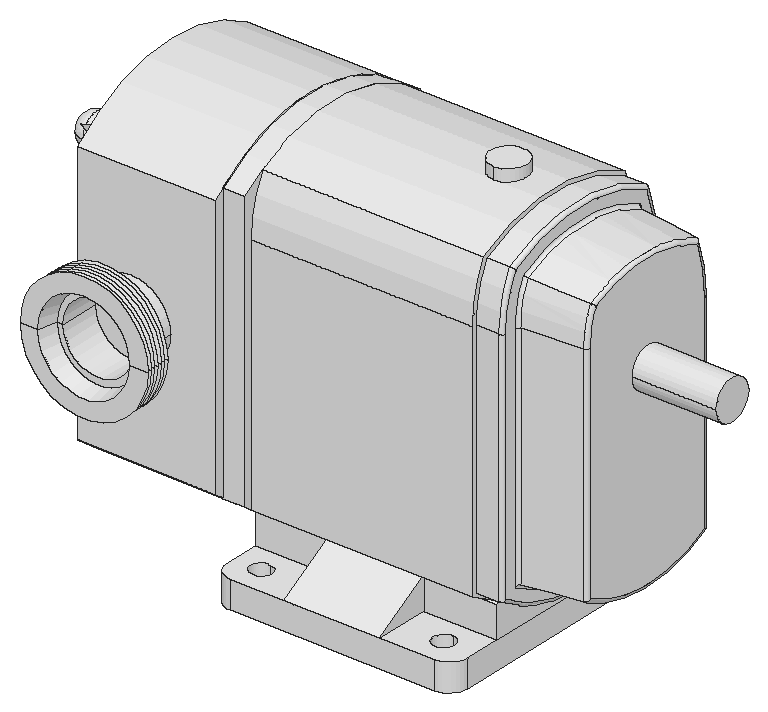
Revit family "MLP 25 - MR172 - Lobe Pump ", category Specialty Equipment, Revit 2022
Family settings
  Round Connector Dimension = Use Diameter
  Part Type = Normal
  Work Plane-Based = No
  Always vertical = Yes
  Cut with Voids When Loaded = No
  Maintain Annotation Orientation = No
  Shared = No
  Room Calculation Point = No
Parameters (values of type "MLP 25 - 4kW")
  URL = "https://en.ekinendustriyel.com/lobe-pumps/lobe-pumps"
  Pressure = 20.0 bar  # constant formula
  Motor Power = 4 kW  # constant formula
  Model = "MLP-23 TUL - MR172"
  Manufacturer = "Ekin Endüstriyel"
  Keynote = "Double Serpentine Heater Tank"
  Flow = 5.0 m³/h  # constant formula
  Description = "MIT MLP 23 - Lobe Pump"
  Default Elevation = 0 mm
Types (4): name
  (no name)
  MLP 25 - 2.2kW
  MLP 25 - 3kW
  MLP 25 - 4kW
Reference planes
  plane 1 "Center (Front/Back)": y = 0
  plane 2: z = 0
  plane 3 "Center (Left/Right)": x = 0
Forms (mm)
  Extrusion 1, solid, material "Ekin Endüstriyel_StainlesSteel", detail levels medium+fine
    sketch origin (0, 0, 0) x (0, 1, 0) y (0, 0, 1)
      loop
        arc (65, 198) -> (0, 223) -> (-65, 198) r 97
        line (-65, 198) -> (-65, 54)
        arc (-65, 54) -> (0, 29) -> (65, 54) r 97
        line (65, 54) -> (65, 198)
    from 12.606 to -63.081
  Extrusion 2, solid, material "Ekin Endüstriyel_StainlesSteel", detail levels medium+fine
    sketch origin (0, 0, 0) x (0, 1, 0) y (0, 0, 1)
      loop
        arc (-48, 210.291) -> (-53.968, 195.324) -> (-56, 179.34) r 63.873
        line (-56, 179.34) -> (-56, 46.798)
        arc (-56, 46.798) -> (0, 29) -> (56, 46.798) r 97
        line (56, 46.798) -> (56, 169.858)
        arc (56, 169.858) -> (53.981, 190.467) -> (48, 210.291) r 106.175
        arc (48, 210.291) -> (0, 223) -> (-48, 210.291) r 97
    from 146.106 to 24.606
  Extrusion 3, solid, material "Ekin Endüstriyel_StainlesSteel", detail levels coarse
    sketch origin (0, 0, 0) x (0, 1, 0) y (0, 0, 1)
      loop
        arc (65, 198) -> (0, 223) -> (-65, 198) r 97
        line (-65, 198) -> (-65, 54)
        arc (-65, 54) -> (0, 29) -> (65, 54) r 97
        line (65, 54) -> (65, 198)
    from -63.081 to 197.106
  Sweep 4, solid, material "Ekin Endüstriyel_StainlesSteel", detail levels medium+fine
    path in 3D
      loop
        arc (146.106, 48, 210.291) -> (146.106, 53.981, 190.467) -> (146.106, 56, 169.858) r 106.175
        line (146.106, 56, 169.858) -> (146.106, 56, 46.798)
        arc (146.106, 56, 46.798) -> (146.106, 0, 29) -> (146.106, -56, 46.798) r 97
        line (146.106, -56, 46.798) -> (146.106, -56, 179.34)
        arc (146.106, -56, 179.34) -> (146.106, -53.968, 195.324) -> (146.106, -48, 210.291) r 63.873
        arc (146.106, -48, 210.291) -> (146.106, 0, 223) -> (146.106, 48, 210.291) r 97
    profile origin (146.106, 0, 223) x (0, 0, 1) y (1, 0, 0)
      loop
        line (-2.005, 0) -> (-2.005, 13.034)
        arc (-2.005, 13.034) -> (-2.584, 14.431) -> (-3.981, 15.01) r 1.976
        line (-3.981, 15.01) -> (-10.05, 15.01)
        arc (-10.05, 15.01) -> (-11.399, 15.533) -> (-12.042, 16.828) r 2
        line (-12.042, 16.828) -> (-14.997, 49.192)
        arc (-14.997, 49.192) -> (-15.641, 50.487) -> (-16.989, 51.01) r 2
        line (-16.989, 51.01) -> (-23.918, 51.01) -> (-23.918, 0) -> (-2.005, 0)
  Extrusion 5, solid, material "Ekin Endüstriyel_StainlesSteel", detail levels medium+fine
    sketch origin (0, 0, 0) x (0, 1, 0) y (0, 0, 1)
      loop
        arc (-29.766, 192.746) -> (-31.499, 186.142) -> (-32.082, 179.34) r 39.955
        line (-32.082, 179.34) -> (-32.082, 60.336)
        arc (-32.082, 60.336) -> (0, 52.918) -> (32.082, 60.336) r 73.082
        line (32.082, 60.336) -> (32.082, 169.858)
        arc (32.082, 169.858) -> (31.232, 181.657) -> (28.697, 193.212) r 82.257
        arc (28.697, 193.212) -> (-0.583, 199.08) -> (-29.766, 192.746) r 73.082
    from 197.117 to 146.106
  Revolve 6, solid, material "Ekin Endüstriyel_StainlesSteel", detail levels fine
    sketch origin (35.739, 0, 123.787) x (1, 0, 0) y (0, 1, 0)
      loop
        line (-91.533, -65.017) -> (-91.533, -81.986) -> (-102.84, -81.986) -> (-104.31, -82.834) -> (-102.306, -83.991) -> (-104.31, -85.147) -> (-102.306, -86.304) -> (-104.31, -87.461) -> (-102.306, -88.617) -> (-104.31, -89.774) -> (-102.305, -90.932) -> (-104.31, -92.089) -> (-102.306, -93.246) -> (-104.31, -94.403) -> (-102.306, -95.559) -> (-104.665, -96.921) -> (-95.021, -96.921) -> (-92.632, -86.921) -> (-89.13, -86.921) -> (-89.13, -65.017) -> (-91.533, -65.017)
      axis (-69.763, -65.017) -> (-69.763, -96.921)
    angle from 0 to 360
  Extrusion 7, solid, material "Ekin Endüstriyel_StainlesSteel"
    sketch origin (-63.081, 0, 0) x (0, -1, 0) y (0, 0, 1)
      loop
        circle (0, 126) r 50
    from 0 to 8.313
  Extrusion 8, solid, material "Ekin Endüstriyel_StainlesSteel", detail levels medium+fine
    sketch origin (0, 0, 0) x (0, 1, 0) y (0, 0, 1)
      loop
        line (-34.093, 32.841) -> (-65, 15) -> (65, 15) -> (34.097, 32.842)
        arc (34.097, 32.842) -> (0.002, 27.834) -> (-34.093, 32.841) r 118.583
    from 49.717 to 102.402
  Extrusion 9, solid, material "Ekin Endüstriyel_StainlesSteel", detail levels medium
    sketch origin (-75.568, 0, 30.923) x (1, 0, 0) y (0, 0, 1)
      loop
        circle (41.544, 92.864) r 34.902
      loop
        circle (41.544, 92.864) r 25.078
    from 65.017 to 96.921
  Extrusion 10, solid, material "Ekin Endüstriyel_StainlesSteel"
    sketch origin (107.25, 0, 153) x (0, 0, 1) y (0, 1, 0)
      loop
        circle (0, 0) r 11
    from -136.356 to -89.856
  Extrusion 11, solid, material "Ekin Endüstriyel_StainlesSteel", detail levels medium+fine
    sketch origin (0, 0, 0) x (0, 1, 0) y (0, 0, 1)
      loop
        line (-60, 202.217) -> (-60, 49.783)
        arc (-60, 49.783) -> (0, 29) -> (60, 49.783) r 97
        line (60, 49.783) -> (60, 202.217)
        arc (60, 202.217) -> (0, 223) -> (-60, 202.217) r 97
    from 24.606 to 12.606
  Extrusion 12, solid, material "Ekin Endüstriyel_StainlesSteel", detail levels coarse
    sketch origin (-99.135, 0, 4.353) x (1, 0, 0) y (0, 0, 1)
      loop
        circle (65.111, 119.434) r 34.902
    from 65 to 96.921
  Extrusion 13, solid, material "Ekin Endüstriyel_StainlesSteel"
    sketch origin (0, 0, 0) x (1, 0, 0) y (0, 1, 0)
      loop
        line (20.606, -65) -> (132.606, -65)
        arc (132.606, -65) -> (139.677, -62.071) -> (142.606, -55) r 10
        line (142.606, -55) -> (142.606, 55)
        arc (142.606, 55) -> (139.677, 62.071) -> (132.606, 65) r 10
        line (132.606, 65) -> (20.606, 65)
        arc (20.606, 65) -> (13.535, 62.071) -> (10.606, 55) r 10
        line (10.606, 55) -> (10.606, -55)
        arc (10.606, -55) -> (13.535, -62.071) -> (20.606, -65) r 10
      loop
        circle (25.606, -50) r 6
      loop
        circle (125.606, -50) r 6
      loop
        circle (125.606, 50) r 6
      loop
        circle (25.606, 50) r 6
    from 0 to 15
  Extrusion 14, solid, material "Ekin Endüstriyel_StainlesSteel"
    sketch origin (0, 0, 0) x (0, 1, 0) y (0, 0, 1)
      loop
        line (-31.587, 34.287) -> (-35.009, 32.312) -> (-35.009, 15) -> (35.026, 15) -> (35.026, 32.305) -> (31.591, 34.289)
        arc (31.591, 34.289) -> (0.002, 29) -> (-31.587, 34.287) r 97
    from 10.606 to 142.606
  Revolve 15, solid, material "Ekin Endüstriyel_StainlesSteel", detail levels fine
    sketch origin (56.401, 0, 191.795) x (1, 0, 0) y (0, 1, 0)
      loop
        line (-119.482, -30.426) -> (-128.896, -30.426)
        arc (-128.896, -30.426) -> (-135.428, -33.235) -> (-137.883, -39.91) r 9
        line (-137.883, -39.91) -> (-119.482, -39.91) -> (-119.482, -30.426)
      axis (-119.482, -39.954) -> (-137.883, -39.954)
    angle from 0 to 360
  Extrusion 16, solid, material "Ekin Endüstriyel_StainlesSteel", detail levels medium+fine
    sketch origin (0, 0, 0) x (1, 0, 0) y (0, 1, 0)
      loop
        circle (121.106, 0) r 10
    from 221 to 229
  Extrusion 17, solid, material "Ekin Endüstriyel_StainlesSteel", detail levels coarse+medium
    sketch origin (-119.482, 0, 146.417) x (0, 0, 1) y (0, 1, 0)
      loop
        circle (45.378, -39.954) r 9.5
      loop
        circle (45.378, 39.954) r 9.5
      loop
        circle (-86.212, 39.954) r 9.5
      loop
        circle (-86.212, -39.954) r 9.5
    from -56.401 to -38.013
  Revolve 18, solid, material "Ekin Endüstriyel_StainlesSteel", detail levels fine
    sketch origin (56.401, 0, 191.795) x (1, 0, 0) y (0, 1, 0)
      loop
        line (-119.482, 49.437) -> (-128.896, 49.437)
        arc (-128.896, 49.437) -> (-135.428, 46.628) -> (-137.883, 39.954) r 9
        line (-137.883, 39.954) -> (-119.482, 39.954) -> (-119.482, 49.437)
      axis (-119.482, 39.954) -> (-137.883, 39.954)
    angle from 0 to 360
  Revolve 19, solid, material "Ekin Endüstriyel_StainlesSteel", detail levels fine
    sketch origin (56.401, 0, 60.205) x (1, 0, 0) y (0, 1, 0)
      loop
        line (-119.482, -30.426) -> (-128.896, -30.426)
        arc (-128.896, -30.426) -> (-135.428, -33.235) -> (-137.883, -39.91) r 9
        line (-137.883, -39.91) -> (-119.482, -39.91) -> (-119.482, -30.426)
      axis (-119.482, -39.954) -> (-137.883, -39.954)
    angle from 0 to 360
  Revolve 20, solid, material "Ekin Endüstriyel_StainlesSteel", detail levels fine
    sketch origin (56.401, 0, 60.205) x (1, 0, 0) y (0, 1, 0)
      loop
        line (-119.482, 49.437) -> (-128.896, 49.437)
        arc (-128.896, 49.437) -> (-135.428, 46.628) -> (-137.883, 39.954) r 9
        line (-137.883, 39.954) -> (-119.482, 39.954) -> (-119.482, 49.437)
      axis (-119.482, 39.954) -> (-137.883, 39.954)
    angle from 0 to 360
  Revolve 21, solid, material "Ekin Endüstriyel_StainlesSteel", detail levels fine
    sketch origin (35.739, 0, 123.787) x (1, 0, 0) y (0, 1, 0)
      loop
        line (-91.533, 65.017) -> (-89.13, 65.017) -> (-89.13, 86.921) -> (-92.632, 86.921) -> (-95.021, 96.921) -> (-104.665, 96.921) -> (-102.306, 95.559) -> (-104.31, 94.403) -> (-102.306, 93.246) -> (-104.31, 92.089) -> (-102.305, 90.932) -> (-104.31, 89.774) -> (-102.306, 88.617) -> (-104.31, 87.461) -> (-102.306, 86.304) -> (-104.31, 85.147) -> (-102.306, 83.991) -> (-104.31, 82.834) -> (-102.84, 81.986) -> (-91.533, 81.986) -> (-91.533, 65.017)
      axis (-69.763, 65.017) -> (-69.763, 96.921)
    angle from 0 to 360
  Extrusion 22, solid, material "Ekin Endüstriyel_StainlesSteel", detail levels medium
    sketch origin (-75.568, 0, 30.923) x (1, 0, 0) y (0, 0, -1)
      loop
        circle (41.544, -92.864) r 34.902
      loop
        circle (41.544, -92.864) r 25.078
    from 65.017 to 96.921
  Extrusion 23, solid, material "Ekin Endüstriyel_StainlesSteel", detail levels coarse
    sketch origin (-99.135, 0, 4.353) x (1, 0, 0) y (0, 0, -1)
      loop
        circle (65.111, -119.434) r 34.902
    from 65 to 96.921
Cuts and joins
  joined: Sweep 4, Extrusion 5
  joined: Extrusion 2, Extrusion 11, Extrusion 16
Lines and regions (mm)
  sketch lines
    curve 1: arc (146.106, -48, 210.291) -> (146.106, 0, 223) -> (146.106, 48, 210.291) r 97
    curve 2: arc (146.106, -56, 179.34) -> (146.106, -53.968, 195.324) -> (146.106, -48, 210.291) r 63.873
    curve 3: line (146.106, -56, 179.34) -> (146.106, -56, 46.798)
    curve 4: arc (146.106, 56, 46.798) -> (146.106, 0, 29) -> (146.106, -56, 46.798) r 97
    curve 5: line (146.106, 56, 46.798) -> (146.106, 56, 169.858)
    curve 6: arc (146.106, 48, 210.291) -> (146.106, 53.981, 190.467) -> (146.106, 56, 169.858) r 106.175
Dimensions and locks
  aligned and locked: level to plane 2
Connectors
  piping at (-34.024, 96.921, 123.787), diameter 50.8
    settings: on Extrusion 22, index 2, connector inside diameter 609.6 mm, connector length 0 mm, flow factor 0, pipe flow 0.0 m³/h, pressure drop 0.0 bar, fitting loss kfactor 0, connector angle 0.00°, fixture units 0, engagement length 0 mm, angle of deflection 0.00°, flow configuration 0, flow direction 0, fitting loss method 0, system type 7, joint type 0, gender type 0, connector reference index -1, connector utility 0, adjustable connector no, is connector primary yes, connector description ""
  piping at (-34.024, -96.921, 123.787), diameter 50.8
    settings: on Extrusion 9, index 3, connector inside diameter 609.6 mm, connector length 0 mm, flow factor 0, pipe flow 0.0 m³/h, pressure drop 0.0 bar, fitting loss kfactor 0, connector angle 0.00°, fixture units 0, engagement length 0 mm, angle of deflection 0.00°, flow configuration 0, flow direction 0, fitting loss method 0, system type 7, joint type 0, gender type 0, connector reference index -1, connector utility 0, adjustable connector no, is connector primary no, connector description ""
